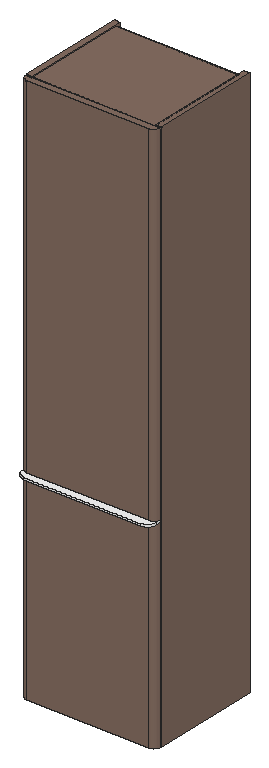
Revit family "tall cabinet, door hinge", category Furniture, Revit 2019 (continued)
Types (48, lengths in mm): name | Tall cabinet 400_350, door hinge right-54142700-Dark Walnut-MATT_WHITE-400_RX0RY0RZ0TX0TY0TZ0_V | Tall cabinet 400_350, door hinge right-54142700-Dark Walnut-MATT_WHITE-200_RX0RY0RZ0TX0TY0TZ0_V | Tall cabinet 400_350, door hinge right-54142670-Dark Walnut-MATT_BLACK-400_RX0RY0RZ0TX0TY0TZ0_V | Tall cabinet 400_350, door hinge right-54142670-Dark Walnut-MATT_BLACK-200_RX0RY0RZ0TX0TY0TZ0_V | Tall cabinet 400_350, door hinge right-54142000-Dark Walnut-CHROME-400_RX0RY0RZ0TX0TY0TZ0_V | Tall cabinet 400_350, door hinge right-54142000-Dark Walnut-CHROME-200_RX0RY0RZ0TX0TY0TZ0_V | Tall cabinet 400_350, door hinge right-54141700-Natural Oak-MATT_WHITE-400_RX0RY0RZ0TX0TY0TZ0_V | Tall cabinet 400_350, door hinge right-54141700-Natural Oak-MATT_WHITE-200_RX0RY0RZ0TX0TY0TZ0_V | Tall cabinet 400_350, door hinge right-54141670-Natural Oak-MATT_BLACK-400_RX0RY0RZ0TX0TY0TZ0_V | Tall cabinet 400_350, door hinge right-54141670-Natural Oak-MATT_BLACK-200_RX0RY0RZ0TX0TY0TZ0_V | Tall cabinet 400_350, door hinge right-54141000-Natural Oak-CHROME-400_RX0RY0RZ0TX0TY0TZ0_V | Tall cabinet 400_350, door hinge right-54141000-Natural Oak-CHROME-200_RX0RY0RZ0TX0TY0TZ0_V | Tall cabinet 400_350, door hinge right-54140700-Diamond Matt Grey-MATT_WHITE-400_RX0RY0RZ0TX0TY0TZ0_V | Tall cabinet 400_350, door hinge right-54140700-Diamond Matt Grey-MATT_WHITE-200_RX0RY0RZ0TX0TY0TZ0_V | Tall cabinet 400_350, door hinge right-54140670-Diamond Matt Grey-MATT_BLACK-400_RX0RY0RZ0TX0TY0TZ0_V | Tall cabinet 400_350, door hinge right-54140670-Diamond Matt Grey-MATT_BLACK-200_RX0RY0RZ0TX0TY0TZ0_V | Tall cabinet 400_350, door hinge right-54140000-Diamond Matt Grey-CHROME-400_RX0RY0RZ0TX0TY0TZ0_V | Tall cabinet 400_350, door hinge right-54140000-Diamond Matt Grey-CHROME-200_RX0RY0RZ0TX0TY0TZ0_V | Tall cabinet 400_350, door hinge right-54139700-High Gloss White-MATT_WHITE-400_RX0RY0RZ0TX0TY0TZ0_V | Tall cabinet 400_350, door hinge right-54139700-High Gloss White-MATT_WHITE-200_RX0RY0RZ0TX0TY0TZ0_V | Tall cabinet 400_350, door hinge right-54139670-High Gloss White-MATT_BLACK-400_RX0RY0RZ0TX0TY0TZ0_V | Tall cabinet 400_350, door hinge right-54139670-High Gloss White-MATT_BLACK-200_RX0RY0RZ0TX0TY0TZ0_V | Tall cabinet 400_350, door hinge right-54139000-High Gloss White-CHROME-400_RX0RY0RZ0TX0TY0TZ0_V | Tall cabinet 400_350, door hinge right-54139000-High Gloss White-CHROME-200_RX0RY0RZ0TX0TY0TZ0_V | Tall cabinet 400_350, door hinge left-54138700-Dark Walnut-MATT_WHITE-400_RX0RY0RZ0TX0TY0TZ0_V | Tall cabinet 400_350, door hinge left-54138700-Dark Walnut-MATT_WHITE-200_RX0RY0RZ0TX0TY0TZ0_V | Tall cabinet 400_350, door hinge left-54138670-Dark Walnut-MATT_BLACK-400_RX0RY0RZ0TX0TY0TZ0_V | Tall cabinet 400_350, door hinge left-54138670-Dark Walnut-MATT_BLACK-200_RX0RY0RZ0TX0TY0TZ0_V | Tall cabinet 400_350, door hinge left-54138000-Dark Walnut-CHROME-400_RX0RY0RZ0TX0TY0TZ0_V | Tall cabinet 400_350, door hinge left-54138000-Dark Walnut-CHROME-200_RX0RY0RZ0TX0TY0TZ0_V | Tall cabinet 400_350, door hinge left-54137700-Natural Oak-MATT_WHITE-400_RX0RY0RZ0TX0TY0TZ0_V | Tall cabinet 400_350, door hinge left-54137700-Natural Oak-MATT_WHITE-200_RX0RY0RZ0TX0TY0TZ0_V | Tall cabinet 400_350, door hinge left-54137670-Natural Oak-MATT_BLACK-400_RX0RY0RZ0TX0TY0TZ0_V | Tall cabinet 400_350, door hinge left-54137670-Natural Oak-MATT_BLACK-200_RX0RY0RZ0TX0TY0TZ0_V | Tall cabinet 400_350, door hinge left-54137000-Natural Oak-CHROME-400_RX0RY0RZ0TX0TY0TZ0_V | Tall cabinet 400_350, door hinge left-54137000-Natural Oak-CHROME-200_RX0RY0RZ0TX0TY0TZ0_V | Tall cabinet 400_350, door hinge left-54136700-Diamond Matt Grey-MATT_WHITE-400_RX0RY0RZ0TX0TY0TZ0_V | Tall cabinet 400_350, door hinge left-54136700-Diamond Matt Grey-MATT_WHITE-200_RX0RY0RZ0TX0TY0TZ0_V | Tall cabinet 400_350, door hinge left-54136670-Diamond Matt Grey-MATT_BLACK-400_RX0RY0RZ0TX0TY0TZ0_V | Tall cabinet 400_350, door hinge left-54136670-Diamond Matt Grey-MATT_BLACK-200_RX0RY0RZ0TX0TY0TZ0_V | Tall cabinet 400_350, door hinge left-54136000-Diamond Matt Grey-CHROME-400_RX0RY0RZ0TX0TY0TZ0_V | Tall cabinet 400_350, door hinge left-54136000-Diamond Matt Grey-CHROME-200_RX0RY0RZ0TX0TY0TZ0_V | Tall cabinet 400_350, door hinge left-54135700-High Gloss White-MATT_WHITE-400_RX0RY0RZ0TX0TY0TZ0_V | Tall cabinet 400_350, door hinge left-54135700-High Gloss White-MATT_WHITE-200_RX0RY0RZ0TX0TY0TZ0_V | Tall cabinet 400_350, door hinge left-54135670-High Gloss White-MATT_BLACK-400_RX0RY0RZ0TX0TY0TZ0_V | Tall cabinet 400_350, door hinge left-54135670-High Gloss White-MATT_BLACK-200_RX0RY0RZ0TX0TY0TZ0_V | Tall cabinet 400_350, door hinge left-54135000-High Gloss White-CHROME-400_RX0RY0RZ0TX0TY0TZ0_V | Tall cabinet 400_350, door hinge left-54135000-High Gloss White-CHROME-200_RX0RY0RZ0TX0TY0TZ0_V | SURFACE | SPECIFICATION | PRODUCTURL | PERMALINK | OBERFLAECHE | NB | NAME | Model | MIdent | LODLEVEL | LINA | GTINCODE | BASENUMBER | ARTNR
  Tall cabinet 400_350, door hinge left-54138700-Dark Walnut-MATT_WHITE-200 | no | no | no | no | no | no | no | no | no | no | no | no | no | no | no | no | no | no | no | no | no | no | no | no | no | yes | no | no | no | no | no | no | no | no | no | no | no | no | no | no | no | no | no | no | no | no | no | no | "MATT_WHITE" | "Surfaces:    - 54138000 Chrome  - 54138670 Matt Black  - 54138700 Matt White      Specification:" | "https://pro.hansgrohe.com/articledetail--54138000" | "54138XXX" | "Dark Walnut" | "Tall cabinet 400/350, door hinge left-54138700-Dark Walnut-MATT_WHITE-200" | "Xelu Q Tall cabinet Dark Walnut 400/350, door hinge left" | "Tall cabinet 400/350, door hinge left-54138700-Dark Walnut-MATT_WHITE-200" | "{$CADENAS_DATA/23d-libs/hansgrohe/xelu_furniture/tall_cabinet_door_hinge/tall_cabinet_door_hinge.prj},313 {VTYP=3D},{NB=Tall cabinet 400/350, door hinge left-54138700-Dark Walnut-MATT_WHITE-200},{LINA=Tall cabinet 400/350, door hinge left-54138700-Dark Walnut-MATT_WHITE-200},{NN=Tall cabinet, door hinge},{DATE=08.03.2023 13:45:00},{GEOMDATE=08.03.2023 13:44:17},{VERSION=},{LINEID=120},{WBVAR=LODLEVEL},{WBNUMERIC=}  {NB=Tall cabinet 400/350, door hinge left-54138700-Dark Walnut-MATT_WHITE-200},{LINA=Tall cabinet 400/350, door hinge left-54138700-Dark Walnut-MATT_WHITE-200},{KT=DUMMY},{IDNR=12},{ARTNR=54138700},{BASENUMBER=Tall cabinet 400/350, door hinge left},{MODEL=54138XXX},{OBERFLAECHE=Dark Walnut},{SURFACE=MATT_WHITE},{L=400},{LODLEVEL=200},{LODLEVELX='400','400','200','200'},{NAME=Xelu Q Tall cabinet Dark Walnut 400/350, door hinge left},{PERMALINK=54138XXX},{OBJECTTYPE=Object (single object)},{BIMOBJECT=Sanitary: Compound units},{PRODUCTFAMILY=Xelu Q},{PRODUCTGROUP=bathroom vanity},{WEIGHT=36.9},{DESCRIPTION=Xelu Q Tall cabinet Dark Walnut 400/350, door hinge left},{SPECIFICATION=Surfaces:    - 54138000 Chrome  - 54138670 Matt Black  - 54138700 Matt White      Specification:},{PRODUCTURL=https://pro.hansgrohe.com/articledetail--54138000},{GTINCODE=4059625458242},{TENDERURL=},{IFC=Furnishing element},{ETIM=EC011381 | Bathroom furniture set},{UNICLASS2015=Pr_40_30_78_05 | Bathroom furniture},{OMNICLASS=23-21 19 15 33 13 | Residential Bathroom Specialty Casework},{MASTERFORMAT=12 35 30.23 | Bathroom Casework},{UNSPSC=56 | Furniture and Furnishings},{UNIFORMATII=E2010 | Fixed Furnishings},{REGIONSET=Worldwide},{DESIGN=Germany},{MANUFACTURER=Germany}" | "200" | "Tall cabinet 400/350, door hinge left-54138700-Dark Walnut-MATT_WHITE-200" | "4059625458242" | "Tall cabinet 400/350, door hinge left" | "54138700"
  Tall cabinet 400_350, door hinge left-54138700-Dark Walnut-MATT_WHITE-400 | no | no | no | no | no | no | no | no | no | no | no | no | no | no | no | no | no | no | no | no | no | no | no | no | yes | no | no | no | no | no | no | no | no | no | no | no | no | no | no | no | no | no | no | no | no | no | no | no | "MATT_WHITE" | "Surfaces:    - 54138000 Chrome  - 54138670 Matt Black  - 54138700 Matt White      Specification:" | "https://pro.hansgrohe.com/articledetail--54138000" | "54138XXX" | "Dark Walnut" | "Tall cabinet 400/350, door hinge left-54138700-Dark Walnut-MATT_WHITE-400" | "Xelu Q Tall cabinet Dark Walnut 400/350, door hinge left" | "Tall cabinet 400/350, door hinge left-54138700-Dark Walnut-MATT_WHITE-400" | "{$CADENAS_DATA/23d-libs/hansgrohe/xelu_furniture/tall_cabinet_door_hinge/tall_cabinet_door_hinge.prj},313 {VTYP=3D},{NB=Tall cabinet 400/350, door hinge left-54138700-Dark Walnut-MATT_WHITE-400},{LINA=Tall cabinet 400/350, door hinge left-54138700-Dark Walnut-MATT_WHITE-400},{NN=Tall cabinet, door hinge},{DATE=08.03.2023 13:45:00},{GEOMDATE=08.03.2023 13:44:17},{VERSION=},{LINEID=120},{WBVAR=LODLEVEL},{WBNUMERIC=}  {NB=Tall cabinet 400/350, door hinge left-54138700-Dark Walnut-MATT_WHITE-400},{LINA=Tall cabinet 400/350, door hinge left-54138700-Dark Walnut-MATT_WHITE-400},{KT=DUMMY},{IDNR=12},{ARTNR=54138700},{BASENUMBER=Tall cabinet 400/350, door hinge left},{MODEL=54138XXX},{OBERFLAECHE=Dark Walnut},{SURFACE=MATT_WHITE},{L=400},{LODLEVEL=400},{LODLEVELX='400','400','200','200'},{NAME=Xelu Q Tall cabinet Dark Walnut 400/350, door hinge left},{PERMALINK=54138XXX},{OBJECTTYPE=Object (single object)},{BIMOBJECT=Sanitary: Compound units},{PRODUCTFAMILY=Xelu Q},{PRODUCTGROUP=bathroom vanity},{WEIGHT=36.9},{DESCRIPTION=Xelu Q Tall cabinet Dark Walnut 400/350, door hinge left},{SPECIFICATION=Surfaces:    - 54138000 Chrome  - 54138670 Matt Black  - 54138700 Matt White      Specification:},{PRODUCTURL=https://pro.hansgrohe.com/articledetail--54138000},{GTINCODE=4059625458242},{TENDERURL=},{IFC=Furnishing element},{ETIM=EC011381 | Bathroom furniture set},{UNICLASS2015=Pr_40_30_78_05 | Bathroom furniture},{OMNICLASS=23-21 19 15 33 13 | Residential Bathroom Specialty Casework},{MASTERFORMAT=12 35 30.23 | Bathroom Casework},{UNSPSC=56 | Furniture and Furnishings},{UNIFORMATII=E2010 | Fixed Furnishings},{REGIONSET=Worldwide},{DESIGN=Germany},{MANUFACTURER=Germany}" | "400" | "Tall cabinet 400/350, door hinge left-54138700-Dark Walnut-MATT_WHITE-400" | "4059625458242" | "Tall cabinet 400/350, door hinge left" | "54138700"
  Tall cabinet 400_350, door hinge right-54139000-High Gloss White-CHROME-200 | no | no | no | no | no | no | no | no | no | no | no | no | no | no | no | no | no | no | no | no | no | no | no | yes | no | no | no | no | no | no | no | no | no | no | no | no | no | no | no | no | no | no | no | no | no | no | no | no | "CHROME" | "Surfaces:    - 54139000 Chrome  - 54139670 Matt Black  - 54139700 Matt White      Specification:" | "https://pro.hansgrohe.com/articledetail--54139000" | "54139XXX" | "High Gloss White" | "Tall cabinet 400/350, door hinge right-54139000-High Gloss White-CHROME-200" | "Xelu Q Tall cabinet High Gloss White 400/350, door hinge right" | "Tall cabinet 400/350, door hinge right-54139000-High Gloss White-CHROME-200" | "{$CADENAS_DATA/23d-libs/hansgrohe/xelu_furniture/tall_cabinet_door_hinge/tall_cabinet_door_hinge.prj},317 {VTYP=3D},{NB=Tall cabinet 400/350, door hinge right-54139000-High Gloss White-CHROME-200},{LINA=Tall cabinet 400/350, door hinge right-54139000-High Gloss White-CHROME-200},{NN=Tall cabinet, door hinge},{DATE=08.03.2023 13:45:00},{GEOMDATE=08.03.2023 13:44:17},{VERSION=},{LINEID=140},{WBVAR=LODLEVEL},{WBNUMERIC=}  {NB=Tall cabinet 400/350, door hinge right-54139000-High Gloss White-CHROME-200},{LINA=Tall cabinet 400/350, door hinge right-54139000-High Gloss White-CHROME-200},{KT=DUMMY},{IDNR=14},{ARTNR=54139000},{BASENUMBER=Tall cabinet 400/350, door hinge right},{MODEL=54139XXX},{OBERFLAECHE=High Gloss White},{SURFACE=CHROME},{L=400},{LODLEVEL=200},{LODLEVELX='400','400','200','200'},{NAME=Xelu Q Tall cabinet High Gloss White 400/350, door hinge right},{PERMALINK=54139XXX},{OBJECTTYPE=Object (single object)},{BIMOBJECT=Sanitary: Compound units},{PRODUCTFAMILY=Xelu Q},{PRODUCTGROUP=bathroom vanity},{WEIGHT=36.9},{DESCRIPTION=Xelu Q Tall cabinet High Gloss White 400/350, door hinge right},{SPECIFICATION=Surfaces:    - 54139000 Chrome  - 54139670 Matt Black  - 54139700 Matt White      Specification:},{PRODUCTURL=https://pro.hansgrohe.com/articledetail--54139000},{GTINCODE=4059625458617},{TENDERURL=},{IFC=Furnishing element},{ETIM=EC011381 | Bathroom furniture set},{UNICLASS2015=Pr_40_30_78_05 | Bathroom furniture},{OMNICLASS=23-21 19 15 33 13 | Residential Bathroom Specialty Casework},{MASTERFORMAT=12 35 30.23 | Bathroom Casework},{UNSPSC=56 | Furniture and Furnishings},{UNIFORMATII=E2010 | Fixed Furnishings},{REGIONSET=Worldwide},{DESIGN=Germany},{MANUFACTURER=Germany}" | "200" | "Tall cabinet 400/350, door hinge right-54139000-High Gloss White-CHROME-200" | "4059625458617" | "Tall cabinet 400/350, door hinge right" | "54139000"
  Tall cabinet 400_350, door hinge right-54139000-High Gloss White-CHROME-400 | no | no | no | no | no | no | no | no | no | no | no | no | no | no | no | no | no | no | no | no | no | no | yes | no | no | no | no | no | no | no | no | no | no | no | no | no | no | no | no | no | no | no | no | no | no | no | no | no | "CHROME" | "Surfaces:    - 54139000 Chrome  - 54139670 Matt Black  - 54139700 Matt White      Specification:" | "https://pro.hansgrohe.com/articledetail--54139000" | "54139XXX" | "High Gloss White" | "Tall cabinet 400/350, door hinge right-54139000-High Gloss White-CHROME-400" | "Xelu Q Tall cabinet High Gloss White 400/350, door hinge right" | "Tall cabinet 400/350, door hinge right-54139000-High Gloss White-CHROME-400" | "{$CADENAS_DATA/23d-libs/hansgrohe/xelu_furniture/tall_cabinet_door_hinge/tall_cabinet_door_hinge.prj},317 {VTYP=3D},{NB=Tall cabinet 400/350, door hinge right-54139000-High Gloss White-CHROME-400},{LINA=Tall cabinet 400/350, door hinge right-54139000-High Gloss White-CHROME-400},{NN=Tall cabinet, door hinge},{DATE=08.03.2023 13:45:00},{GEOMDATE=08.03.2023 13:44:17},{VERSION=},{LINEID=140},{WBVAR=LODLEVEL},{WBNUMERIC=}  {NB=Tall cabinet 400/350, door hinge right-54139000-High Gloss White-CHROME-400},{LINA=Tall cabinet 400/350, door hinge right-54139000-High Gloss White-CHROME-400},{KT=DUMMY},{IDNR=14},{ARTNR=54139000},{BASENUMBER=Tall cabinet 400/350, door hinge right},{MODEL=54139XXX},{OBERFLAECHE=High Gloss White},{SURFACE=CHROME},{L=400},{LODLEVEL=400},{LODLEVELX='400','400','200','200'},{NAME=Xelu Q Tall cabinet High Gloss White 400/350, door hinge right},{PERMALINK=54139XXX},{OBJECTTYPE=Object (single object)},{BIMOBJECT=Sanitary: Compound units},{PRODUCTFAMILY=Xelu Q},{PRODUCTGROUP=bathroom vanity},{WEIGHT=36.9},{DESCRIPTION=Xelu Q Tall cabinet High Gloss White 400/350, door hinge right},{SPECIFICATION=Surfaces:    - 54139000 Chrome  - 54139670 Matt Black  - 54139700 Matt White      Specification:},{PRODUCTURL=https://pro.hansgrohe.com/articledetail--54139000},{GTINCODE=4059625458617},{TENDERURL=},{IFC=Furnishing element},{ETIM=EC011381 | Bathroom furniture set},{UNICLASS2015=Pr_40_30_78_05 | Bathroom furniture},{OMNICLASS=23-21 19 15 33 13 | Residential Bathroom Specialty Casework},{MASTERFORMAT=12 35 30.23 | Bathroom Casework},{UNSPSC=56 | Furniture and Furnishings},{UNIFORMATII=E2010 | Fixed Furnishings},{REGIONSET=Worldwide},{DESIGN=Germany},{MANUFACTURER=Germany}" | "400" | "Tall cabinet 400/350, door hinge right-54139000-High Gloss White-CHROME-400" | "4059625458617" | "Tall cabinet 400/350, door hinge right" | "54139000"
  Tall cabinet 400_350, door hinge right-54139670-High Gloss White-MATT_BLACK-200 | no | no | no | no | no | no | no | no | no | no | no | no | no | no | no | no | no | no | no | no | no | yes | no | no | no | no | no | no | no | no | no | no | no | no | no | no | no | no | no | no | no | no | no | no | no | no | no | no | "MATT_BLACK" | "Surfaces:    - 54139000 Chrome  - 54139670 Matt Black  - 54139700 Matt White      Specification:" | "https://pro.hansgrohe.com/articledetail--54139000" | "54139XXX" | "High Gloss White" | "Tall cabinet 400/350, door hinge right-54139670-High Gloss White-MATT_BLACK-200" | "Xelu Q Tall cabinet High Gloss White 400/350, door hinge right" | "Tall cabinet 400/350, door hinge right-54139670-High Gloss White-MATT_BLACK-200" | "{$CADENAS_DATA/23d-libs/hansgrohe/xelu_furniture/tall_cabinet_door_hinge/tall_cabinet_door_hinge.prj},325 {VTYP=3D},{NB=Tall cabinet 400/350, door hinge right-54139670-High Gloss White-MATT_BLACK-200},{LINA=Tall cabinet 400/350, door hinge right-54139670-High Gloss White-MATT_BLACK-200},{NN=Tall cabinet, door hinge},{DATE=08.03.2023 13:45:00},{GEOMDATE=08.03.2023 13:44:17},{VERSION=},{LINEID=150},{WBVAR=LODLEVEL},{WBNUMERIC=}  {NB=Tall cabinet 400/350, door hinge right-54139670-High Gloss White-MATT_BLACK-200},{LINA=Tall cabinet 400/350, door hinge right-54139670-High Gloss White-MATT_BLACK-200},{KT=DUMMY},{IDNR=15},{ARTNR=54139670},{BASENUMBER=Tall cabinet 400/350, door hinge right},{MODEL=54139XXX},{OBERFLAECHE=High Gloss White},{SURFACE=MATT_BLACK},{L=400},{LODLEVEL=200},{LODLEVELX='400','400','200','200'},{NAME=Xelu Q Tall cabinet High Gloss White 400/350, door hinge right},{PERMALINK=54139XXX},{OBJECTTYPE=Object (single object)},{BIMOBJECT=Sanitary: Compound units},{PRODUCTFAMILY=Xelu Q},{PRODUCTGROUP=bathroom vanity},{WEIGHT=36.9},{DESCRIPTION=Xelu Q Tall cabinet High Gloss White 400/350, door hinge right},{SPECIFICATION=Surfaces:    - 54139000 Chrome  - 54139670 Matt Black  - 54139700 Matt White      Specification:},{PRODUCTURL=https://pro.hansgrohe.com/articledetail--54139000},{GTINCODE=4059625458617},{TENDERURL=},{IFC=Furnishing element},{ETIM=EC011381 | Bathroom furniture set},{UNICLASS2015=Pr_40_30_78_05 | Bathroom furniture},{OMNICLASS=23-21 19 15 33 13 | Residential Bathroom Specialty Casework},{MASTERFORMAT=12 35 30.23 | Bathroom Casework},{UNSPSC=56 | Furniture and Furnishings},{UNIFORMATII=E2010 | Fixed Furnishings},{REGIONSET=Worldwide},{DESIGN=Germany},{MANUFACTURER=Germany}" | "200" | "Tall cabinet 400/350, door hinge right-54139670-High Gloss White-MATT_BLACK-200" | "4059625458617" | "Tall cabinet 400/350, door hinge right" | "54139670"
  Tall cabinet 400_350, door hinge right-54139670-High Gloss White-MATT_BLACK-400 | no | no | no | no | no | no | no | no | no | no | no | no | no | no | no | no | no | no | no | no | yes | no | no | no | no | no | no | no | no | no | no | no | no | no | no | no | no | no | no | no | no | no | no | no | no | no | no | no | "MATT_BLACK" | "Surfaces:    - 54139000 Chrome  - 54139670 Matt Black  - 54139700 Matt White      Specification:" | "https://pro.hansgrohe.com/articledetail--54139000" | "54139XXX" | "High Gloss White" | "Tall cabinet 400/350, door hinge right-54139670-High Gloss White-MATT_BLACK-400" | "Xelu Q Tall cabinet High Gloss White 400/350, door hinge right" | "Tall cabinet 400/350, door hinge right-54139670-High Gloss White-MATT_BLACK-400" | "{$CADENAS_DATA/23d-libs/hansgrohe/xelu_furniture/tall_cabinet_door_hinge/tall_cabinet_door_hinge.prj},325 {VTYP=3D},{NB=Tall cabinet 400/350, door hinge right-54139670-High Gloss White-MATT_BLACK-400},{LINA=Tall cabinet 400/350, door hinge right-54139670-High Gloss White-MATT_BLACK-400},{NN=Tall cabinet, door hinge},{DATE=08.03.2023 13:45:00},{GEOMDATE=08.03.2023 13:44:17},{VERSION=},{LINEID=150},{WBVAR=LODLEVEL},{WBNUMERIC=}  {NB=Tall cabinet 400/350, door hinge right-54139670-High Gloss White-MATT_BLACK-400},{LINA=Tall cabinet 400/350, door hinge right-54139670-High Gloss White-MATT_BLACK-400},{KT=DUMMY},{IDNR=15},{ARTNR=54139670},{BASENUMBER=Tall cabinet 400/350, door hinge right},{MODEL=54139XXX},{OBERFLAECHE=High Gloss White},{SURFACE=MATT_BLACK},{L=400},{LODLEVEL=400},{LODLEVELX='400','400','200','200'},{NAME=Xelu Q Tall cabinet High Gloss White 400/350, door hinge right},{PERMALINK=54139XXX},{OBJECTTYPE=Object (single object)},{BIMOBJECT=Sanitary: Compound units},{PRODUCTFAMILY=Xelu Q},{PRODUCTGROUP=bathroom vanity},{WEIGHT=36.9},{DESCRIPTION=Xelu Q Tall cabinet High Gloss White 400/350, door hinge right},{SPECIFICATION=Surfaces:    - 54139000 Chrome  - 54139670 Matt Black  - 54139700 Matt White      Specification:},{PRODUCTURL=https://pro.hansgrohe.com/articledetail--54139000},{GTINCODE=4059625458617},{TENDERURL=},{IFC=Furnishing element},{ETIM=EC011381 | Bathroom furniture set},{UNICLASS2015=Pr_40_30_78_05 | Bathroom furniture},{OMNICLASS=23-21 19 15 33 13 | Residential Bathroom Specialty Casework},{MASTERFORMAT=12 35 30.23 | Bathroom Casework},{UNSPSC=56 | Furniture and Furnishings},{UNIFORMATII=E2010 | Fixed Furnishings},{REGIONSET=Worldwide},{DESIGN=Germany},{MANUFACTURER=Germany}" | "400" | "Tall cabinet 400/350, door hinge right-54139670-High Gloss White-MATT_BLACK-400" | "4059625458617" | "Tall cabinet 400/350, door hinge right" | "54139670"
  Tall cabinet 400_350, door hinge right-54139700-High Gloss White-MATT_WHITE-200 | no | no | no | no | no | no | no | no | no | no | no | no | no | no | no | no | no | no | no | yes | no | no | no | no | no | no | no | no | no | no | no | no | no | no | no | no | no | no | no | no | no | no | no | no | no | no | no | no | "MATT_WHITE" | "Surfaces:    - 54139000 Chrome  - 54139670 Matt Black  - 54139700 Matt White      Specification:" | "https://pro.hansgrohe.com/articledetail--54139000" | "54139XXX" | "High Gloss White" | "Tall cabinet 400/350, door hinge right-54139700-High Gloss White-MATT_WHITE-200" | "Xelu Q Tall cabinet High Gloss White 400/350, door hinge right" | "Tall cabinet 400/350, door hinge right-54139700-High Gloss White-MATT_WHITE-200" | "{$CADENAS_DATA/23d-libs/hansgrohe/xelu_furniture/tall_cabinet_door_hinge/tall_cabinet_door_hinge.prj},325 {VTYP=3D},{NB=Tall cabinet 400/350, door hinge right-54139700-High Gloss White-MATT_WHITE-200},{LINA=Tall cabinet 400/350, door hinge right-54139700-High Gloss White-MATT_WHITE-200},{NN=Tall cabinet, door hinge},{DATE=08.03.2023 13:45:00},{GEOMDATE=08.03.2023 13:44:17},{VERSION=},{LINEID=130},{WBVAR=LODLEVEL},{WBNUMERIC=}  {NB=Tall cabinet 400/350, door hinge right-54139700-High Gloss White-MATT_WHITE-200},{LINA=Tall cabinet 400/350, door hinge right-54139700-High Gloss White-MATT_WHITE-200},{KT=DUMMY},{IDNR=13},{ARTNR=54139700},{BASENUMBER=Tall cabinet 400/350, door hinge right},{MODEL=54139XXX},{OBERFLAECHE=High Gloss White},{SURFACE=MATT_WHITE},{L=400},{LODLEVEL=200},{LODLEVELX='400','400','200','200'},{NAME=Xelu Q Tall cabinet High Gloss White 400/350, door hinge right},{PERMALINK=54139XXX},{OBJECTTYPE=Object (single object)},{BIMOBJECT=Sanitary: Compound units},{PRODUCTFAMILY=Xelu Q},{PRODUCTGROUP=bathroom vanity},{WEIGHT=36.9},{DESCRIPTION=Xelu Q Tall cabinet High Gloss White 400/350, door hinge right},{SPECIFICATION=Surfaces:    - 54139000 Chrome  - 54139670 Matt Black  - 54139700 Matt White      Specification:},{PRODUCTURL=https://pro.hansgrohe.com/articledetail--54139000},{GTINCODE=4059625458617},{TENDERURL=},{IFC=Furnishing element},{ETIM=EC011381 | Bathroom furniture set},{UNICLASS2015=Pr_40_30_78_05 | Bathroom furniture},{OMNICLASS=23-21 19 15 33 13 | Residential Bathroom Specialty Casework},{MASTERFORMAT=12 35 30.23 | Bathroom Casework},{UNSPSC=56 | Furniture and Furnishings},{UNIFORMATII=E2010 | Fixed Furnishings},{REGIONSET=Worldwide},{DESIGN=Germany},{MANUFACTURER=Germany}" | "200" | "Tall cabinet 400/350, door hinge right-54139700-High Gloss White-MATT_WHITE-200" | "4059625458617" | "Tall cabinet 400/350, door hinge right" | "54139700"
  Tall cabinet 400_350, door hinge right-54139700-High Gloss White-MATT_WHITE-400 | no | no | no | no | no | no | no | no | no | no | no | no | no | no | no | no | no | no | yes | no | no | no | no | no | no | no | no | no | no | no | no | no | no | no | no | no | no | no | no | no | no | no | no | no | no | no | no | no | "MATT_WHITE" | "Surfaces:    - 54139000 Chrome  - 54139670 Matt Black  - 54139700 Matt White      Specification:" | "https://pro.hansgrohe.com/articledetail--54139000" | "54139XXX" | "High Gloss White" | "Tall cabinet 400/350, door hinge right-54139700-High Gloss White-MATT_WHITE-400" | "Xelu Q Tall cabinet High Gloss White 400/350, door hinge right" | "Tall cabinet 400/350, door hinge right-54139700-High Gloss White-MATT_WHITE-400" | "{$CADENAS_DATA/23d-libs/hansgrohe/xelu_furniture/tall_cabinet_door_hinge/tall_cabinet_door_hinge.prj},325 {VTYP=3D},{NB=Tall cabinet 400/350, door hinge right-54139700-High Gloss White-MATT_WHITE-400},{LINA=Tall cabinet 400/350, door hinge right-54139700-High Gloss White-MATT_WHITE-400},{NN=Tall cabinet, door hinge},{DATE=08.03.2023 13:45:00},{GEOMDATE=08.03.2023 13:44:17},{VERSION=},{LINEID=130},{WBVAR=LODLEVEL},{WBNUMERIC=}  {NB=Tall cabinet 400/350, door hinge right-54139700-High Gloss White-MATT_WHITE-400},{LINA=Tall cabinet 400/350, door hinge right-54139700-High Gloss White-MATT_WHITE-400},{KT=DUMMY},{IDNR=13},{ARTNR=54139700},{BASENUMBER=Tall cabinet 400/350, door hinge right},{MODEL=54139XXX},{OBERFLAECHE=High Gloss White},{SURFACE=MATT_WHITE},{L=400},{LODLEVEL=400},{LODLEVELX='400','400','200','200'},{NAME=Xelu Q Tall cabinet High Gloss White 400/350, door hinge right},{PERMALINK=54139XXX},{OBJECTTYPE=Object (single object)},{BIMOBJECT=Sanitary: Compound units},{PRODUCTFAMILY=Xelu Q},{PRODUCTGROUP=bathroom vanity},{WEIGHT=36.9},{DESCRIPTION=Xelu Q Tall cabinet High Gloss White 400/350, door hinge right},{SPECIFICATION=Surfaces:    - 54139000 Chrome  - 54139670 Matt Black  - 54139700 Matt White      Specification:},{PRODUCTURL=https://pro.hansgrohe.com/articledetail--54139000},{GTINCODE=4059625458617},{TENDERURL=},{IFC=Furnishing element},{ETIM=EC011381 | Bathroom furniture set},{UNICLASS2015=Pr_40_30_78_05 | Bathroom furniture},{OMNICLASS=23-21 19 15 33 13 | Residential Bathroom Specialty Casework},{MASTERFORMAT=12 35 30.23 | Bathroom Casework},{UNSPSC=56 | Furniture and Furnishings},{UNIFORMATII=E2010 | Fixed Furnishings},{REGIONSET=Worldwide},{DESIGN=Germany},{MANUFACTURER=Germany}" | "400" | "Tall cabinet 400/350, door hinge right-54139700-High Gloss White-MATT_WHITE-400" | "4059625458617" | "Tall cabinet 400/350, door hinge right" | "54139700"
  Tall cabinet 400_350, door hinge right-54140000-Diamond Matt Grey-CHROME-200 | no | no | no | no | no | no | no | no | no | no | no | no | no | no | no | no | no | yes | no | no | no | no | no | no | no | no | no | no | no | no | no | no | no | no | no | no | no | no | no | no | no | no | no | no | no | no | no | no | "CHROME" | "Surfaces:    - 54140000 Chrome  - 54140670 Matt Black  - 54140700 Matt White      Specification:" | "https://pro.hansgrohe.com/articledetail--54140000" | "54140XXX" | "Diamond Matt Grey" | "Tall cabinet 400/350, door hinge right-54140000-Diamond Matt Grey-CHROME-200" | "Xelu Q Tall cabinet Diamond Matt Grey 400/350, door hinge right" | "Tall cabinet 400/350, door hinge right-54140000-Diamond Matt Grey-CHROME-200" | "{$CADENAS_DATA/23d-libs/hansgrohe/xelu_furniture/tall_cabinet_door_hinge/tall_cabinet_door_hinge.prj},319 {VTYP=3D},{NB=Tall cabinet 400/350, door hinge right-54140000-Diamond Matt Grey-CHROME-200},{LINA=Tall cabinet 400/350, door hinge right-54140000-Diamond Matt Grey-CHROME-200},{NN=Tall cabinet, door hinge},{DATE=08.03.2023 13:45:00},{GEOMDATE=08.03.2023 13:44:17},{VERSION=},{LINEID=180},{WBVAR=LODLEVEL},{WBNUMERIC=}  {NB=Tall cabinet 400/350, door hinge right-54140000-Diamond Matt Grey-CHROME-200},{LINA=Tall cabinet 400/350, door hinge right-54140000-Diamond Matt Grey-CHROME-200},{KT=DUMMY},{IDNR=18},{ARTNR=54140000},{BASENUMBER=Tall cabinet 400/350, door hinge right},{MODEL=54140XXX},{OBERFLAECHE=Diamond Matt Grey},{SURFACE=CHROME},{L=400},{LODLEVEL=200},{LODLEVELX='400','400','200','200'},{NAME=Xelu Q Tall cabinet Diamond Matt Grey 400/350, door hinge right},{PERMALINK=54140XXX},{OBJECTTYPE=Object (single object)},{BIMOBJECT=Sanitary: Compound units},{PRODUCTFAMILY=Xelu Q},{PRODUCTGROUP=bathroom vanity},{WEIGHT=36.9},{DESCRIPTION=Xelu Q Tall cabinet Diamond Matt Grey 400/350, door hinge right},{SPECIFICATION=Surfaces:    - 54140000 Chrome  - 54140670 Matt Black  - 54140700 Matt White      Specification:},{PRODUCTURL=https://pro.hansgrohe.com/articledetail--54140000},{GTINCODE=4059625458587},{TENDERURL=},{IFC=Furnishing element},{ETIM=EC011381 | Bathroom furniture set},{UNICLASS2015=Pr_40_30_78_05 | Bathroom furniture},{OMNICLASS=23-21 19 15 33 13 | Residential Bathroom Specialty Casework},{MASTERFORMAT=12 35 30.23 | Bathroom Casework},{UNSPSC=56 | Furniture and Furnishings},{UNIFORMATII=E2010 | Fixed Furnishings},{REGIONSET=Worldwide},{DESIGN=Germany},{MANUFACTURER=Germany}" | "200" | "Tall cabinet 400/350, door hinge right-54140000-Diamond Matt Grey-CHROME-200" | "4059625458587" | "Tall cabinet 400/350, door hinge right" | "54140000"
  Tall cabinet 400_350, door hinge right-54140000-Diamond Matt Grey-CHROME-400 | no | no | no | no | no | no | no | no | no | no | no | no | no | no | no | no | yes | no | no | no | no | no | no | no | no | no | no | no | no | no | no | no | no | no | no | no | no | no | no | no | no | no | no | no | no | no | no | no | "CHROME" | "Surfaces:    - 54140000 Chrome  - 54140670 Matt Black  - 54140700 Matt White      Specification:" | "https://pro.hansgrohe.com/articledetail--54140000" | "54140XXX" | "Diamond Matt Grey" | "Tall cabinet 400/350, door hinge right-54140000-Diamond Matt Grey-CHROME-400" | "Xelu Q Tall cabinet Diamond Matt Grey 400/350, door hinge right" | "Tall cabinet 400/350, door hinge right-54140000-Diamond Matt Grey-CHROME-400" | "{$CADENAS_DATA/23d-libs/hansgrohe/xelu_furniture/tall_cabinet_door_hinge/tall_cabinet_door_hinge.prj},319 {VTYP=3D},{NB=Tall cabinet 400/350, door hinge right-54140000-Diamond Matt Grey-CHROME-400},{LINA=Tall cabinet 400/350, door hinge right-54140000-Diamond Matt Grey-CHROME-400},{NN=Tall cabinet, door hinge},{DATE=08.03.2023 13:45:00},{GEOMDATE=08.03.2023 13:44:17},{VERSION=},{LINEID=180},{WBVAR=LODLEVEL},{WBNUMERIC=}  {NB=Tall cabinet 400/350, door hinge right-54140000-Diamond Matt Grey-CHROME-400},{LINA=Tall cabinet 400/350, door hinge right-54140000-Diamond Matt Grey-CHROME-400},{KT=DUMMY},{IDNR=18},{ARTNR=54140000},{BASENUMBER=Tall cabinet 400/350, door hinge right},{MODEL=54140XXX},{OBERFLAECHE=Diamond Matt Grey},{SURFACE=CHROME},{L=400},{LODLEVEL=400},{LODLEVELX='400','400','200','200'},{NAME=Xelu Q Tall cabinet Diamond Matt Grey 400/350, door hinge right},{PERMALINK=54140XXX},{OBJECTTYPE=Object (single object)},{BIMOBJECT=Sanitary: Compound units},{PRODUCTFAMILY=Xelu Q},{PRODUCTGROUP=bathroom vanity},{WEIGHT=36.9},{DESCRIPTION=Xelu Q Tall cabinet Diamond Matt Grey 400/350, door hinge right},{SPECIFICATION=Surfaces:    - 54140000 Chrome  - 54140670 Matt Black  - 54140700 Matt White      Specification:},{PRODUCTURL=https://pro.hansgrohe.com/articledetail--54140000},{GTINCODE=4059625458587},{TENDERURL=},{IFC=Furnishing element},{ETIM=EC011381 | Bathroom furniture set},{UNICLASS2015=Pr_40_30_78_05 | Bathroom furniture},{OMNICLASS=23-21 19 15 33 13 | Residential Bathroom Specialty Casework},{MASTERFORMAT=12 35 30.23 | Bathroom Casework},{UNSPSC=56 | Furniture and Furnishings},{UNIFORMATII=E2010 | Fixed Furnishings},{REGIONSET=Worldwide},{DESIGN=Germany},{MANUFACTURER=Germany}" | "400" | "Tall cabinet 400/350, door hinge right-54140000-Diamond Matt Grey-CHROME-400" | "4059625458587" | "Tall cabinet 400/350, door hinge right" | "54140000"
  Tall cabinet 400_350, door hinge right-54140670-Diamond Matt Grey-MATT_BLACK-200 | no | no | no | no | no | no | no | no | no | no | no | no | no | no | no | yes | no | no | no | no | no | no | no | no | no | no | no | no | no | no | no | no | no | no | no | no | no | no | no | no | no | no | no | no | no | no | no | no | "MATT_BLACK" | "Surfaces:    - 54140000 Chrome  - 54140670 Matt Black  - 54140700 Matt White      Specification:" | "https://pro.hansgrohe.com/articledetail--54140000" | "54140XXX" | "Diamond Matt Grey" | "Tall cabinet 400/350, door hinge right-54140670-Diamond Matt Grey-MATT_BLACK-200" | "Xelu Q Tall cabinet Diamond Matt Grey 400/350, door hinge right" | "Tall cabinet 400/350, door hinge right-54140670-Diamond Matt Grey-MATT_BLACK-200" | "{$CADENAS_DATA/23d-libs/hansgrohe/xelu_furniture/tall_cabinet_door_hinge/tall_cabinet_door_hinge.prj},327 {VTYP=3D},{NB=Tall cabinet 400/350, door hinge right-54140670-Diamond Matt Grey-MATT_BLACK-200},{LINA=Tall cabinet 400/350, door hinge right-54140670-Diamond Matt Grey-MATT_BLACK-200},{NN=Tall cabinet, door hinge},{DATE=08.03.2023 13:45:00},{GEOMDATE=08.03.2023 13:44:17},{VERSION=},{LINEID=160},{WBVAR=LODLEVEL},{WBNUMERIC=}  {NB=Tall cabinet 400/350, door hinge right-54140670-Diamond Matt Grey-MATT_BLACK-200},{LINA=Tall cabinet 400/350, door hinge right-54140670-Diamond Matt Grey-MATT_BLACK-200},{KT=DUMMY},{IDNR=16},{ARTNR=54140670},{BASENUMBER=Tall cabinet 400/350, door hinge right},{MODEL=54140XXX},{OBERFLAECHE=Diamond Matt Grey},{SURFACE=MATT_BLACK},{L=400},{LODLEVEL=200},{LODLEVELX='400','400','200','200'},{NAME=Xelu Q Tall cabinet Diamond Matt Grey 400/350, door hinge right},{PERMALINK=54140XXX},{OBJECTTYPE=Object (single object)},{BIMOBJECT=Sanitary: Compound units},{PRODUCTFAMILY=Xelu Q},{PRODUCTGROUP=bathroom vanity},{WEIGHT=36.9},{DESCRIPTION=Xelu Q Tall cabinet Diamond Matt Grey 400/350, door hinge right},{SPECIFICATION=Surfaces:    - 54140000 Chrome  - 54140670 Matt Black  - 54140700 Matt White      Specification:},{PRODUCTURL=https://pro.hansgrohe.com/articledetail--54140000},{GTINCODE=4059625458587},{TENDERURL=},{IFC=Furnishing element},{ETIM=EC011381 | Bathroom furniture set},{UNICLASS2015=Pr_40_30_78_05 | Bathroom furniture},{OMNICLASS=23-21 19 15 33 13 | Residential Bathroom Specialty Casework},{MASTERFORMAT=12 35 30.23 | Bathroom Casework},{UNSPSC=56 | Furniture and Furnishings},{UNIFORMATII=E2010 | Fixed Furnishings},{REGIONSET=Worldwide},{DESIGN=Germany},{MANUFACTURER=Germany}" | "200" | "Tall cabinet 400/350, door hinge right-54140670-Diamond Matt Grey-MATT_BLACK-200" | "4059625458587" | "Tall cabinet 400/350, door hinge right" | "54140670"
  Tall cabinet 400_350, door hinge right-54140670-Diamond Matt Grey-MATT_BLACK-400 | no | no | no | no | no | no | no | no | no | no | no | no | no | no | yes | no | no | no | no | no | no | no | no | no | no | no | no | no | no | no | no | no | no | no | no | no | no | no | no | no | no | no | no | no | no | no | no | no | "MATT_BLACK" | "Surfaces:    - 54140000 Chrome  - 54140670 Matt Black  - 54140700 Matt White      Specification:" | "https://pro.hansgrohe.com/articledetail--54140000" | "54140XXX" | "Diamond Matt Grey" | "Tall cabinet 400/350, door hinge right-54140670-Diamond Matt Grey-MATT_BLACK-400" | "Xelu Q Tall cabinet Diamond Matt Grey 400/350, door hinge right" | "Tall cabinet 400/350, door hinge right-54140670-Diamond Matt Grey-MATT_BLACK-400" | "{$CADENAS_DATA/23d-libs/hansgrohe/xelu_furniture/tall_cabinet_door_hinge/tall_cabinet_door_hinge.prj},327 {VTYP=3D},{NB=Tall cabinet 400/350, door hinge right-54140670-Diamond Matt Grey-MATT_BLACK-400},{LINA=Tall cabinet 400/350, door hinge right-54140670-Diamond Matt Grey-MATT_BLACK-400},{NN=Tall cabinet, door hinge},{DATE=08.03.2023 13:45:00},{GEOMDATE=08.03.2023 13:44:17},{VERSION=},{LINEID=160},{WBVAR=LODLEVEL},{WBNUMERIC=}  {NB=Tall cabinet 400/350, door hinge right-54140670-Diamond Matt Grey-MATT_BLACK-400},{LINA=Tall cabinet 400/350, door hinge right-54140670-Diamond Matt Grey-MATT_BLACK-400},{KT=DUMMY},{IDNR=16},{ARTNR=54140670},{BASENUMBER=Tall cabinet 400/350, door hinge right},{MODEL=54140XXX},{OBERFLAECHE=Diamond Matt Grey},{SURFACE=MATT_BLACK},{L=400},{LODLEVEL=400},{LODLEVELX='400','400','200','200'},{NAME=Xelu Q Tall cabinet Diamond Matt Grey 400/350, door hinge right},{PERMALINK=54140XXX},{OBJECTTYPE=Object (single object)},{BIMOBJECT=Sanitary: Compound units},{PRODUCTFAMILY=Xelu Q},{PRODUCTGROUP=bathroom vanity},{WEIGHT=36.9},{DESCRIPTION=Xelu Q Tall cabinet Diamond Matt Grey 400/350, door hinge right},{SPECIFICATION=Surfaces:    - 54140000 Chrome  - 54140670 Matt Black  - 54140700 Matt White      Specification:},{PRODUCTURL=https://pro.hansgrohe.com/articledetail--54140000},{GTINCODE=4059625458587},{TENDERURL=},{IFC=Furnishing element},{ETIM=EC011381 | Bathroom furniture set},{UNICLASS2015=Pr_40_30_78_05 | Bathroom furniture},{OMNICLASS=23-21 19 15 33 13 | Residential Bathroom Specialty Casework},{MASTERFORMAT=12 35 30.23 | Bathroom Casework},{UNSPSC=56 | Furniture and Furnishings},{UNIFORMATII=E2010 | Fixed Furnishings},{REGIONSET=Worldwide},{DESIGN=Germany},{MANUFACTURER=Germany}" | "400" | "Tall cabinet 400/350, door hinge right-54140670-Diamond Matt Grey-MATT_BLACK-400" | "4059625458587" | "Tall cabinet 400/350, door hinge right" | "54140670"
  Tall cabinet 400_350, door hinge right-54140700-Diamond Matt Grey-MATT_WHITE-200 | no | no | no | no | no | no | no | no | no | no | no | no | no | yes | no | no | no | no | no | no | no | no | no | no | no | no | no | no | no | no | no | no | no | no | no | no | no | no | no | no | no | no | no | no | no | no | no | no | "MATT_WHITE" | "Surfaces:    - 54140000 Chrome  - 54140670 Matt Black  - 54140700 Matt White      Specification:" | "https://pro.hansgrohe.com/articledetail--54140000" | "54140XXX" | "Diamond Matt Grey" | "Tall cabinet 400/350, door hinge right-54140700-Diamond Matt Grey-MATT_WHITE-200" | "Xelu Q Tall cabinet Diamond Matt Grey 400/350, door hinge right" | "Tall cabinet 400/350, door hinge right-54140700-Diamond Matt Grey-MATT_WHITE-200" | "{$CADENAS_DATA/23d-libs/hansgrohe/xelu_furniture/tall_cabinet_door_hinge/tall_cabinet_door_hinge.prj},327 {VTYP=3D},{NB=Tall cabinet 400/350, door hinge right-54140700-Diamond Matt Grey-MATT_WHITE-200},{LINA=Tall cabinet 400/350, door hinge right-54140700-Diamond Matt Grey-MATT_WHITE-200},{NN=Tall cabinet, door hinge},{DATE=08.03.2023 13:45:00},{GEOMDATE=08.03.2023 13:44:17},{VERSION=},{LINEID=170},{WBVAR=LODLEVEL},{WBNUMERIC=}  {NB=Tall cabinet 400/350, door hinge right-54140700-Diamond Matt Grey-MATT_WHITE-200},{LINA=Tall cabinet 400/350, door hinge right-54140700-Diamond Matt Grey-MATT_WHITE-200},{KT=DUMMY},{IDNR=17},{ARTNR=54140700},{BASENUMBER=Tall cabinet 400/350, door hinge right},{MODEL=54140XXX},{OBERFLAECHE=Diamond Matt Grey},{SURFACE=MATT_WHITE},{L=400},{LODLEVEL=200},{LODLEVELX='400','400','200','200'},{NAME=Xelu Q Tall cabinet Diamond Matt Grey 400/350, door hinge right},{PERMALINK=54140XXX},{OBJECTTYPE=Object (single object)},{BIMOBJECT=Sanitary: Compound units},{PRODUCTFAMILY=Xelu Q},{PRODUCTGROUP=bathroom vanity},{WEIGHT=36.9},{DESCRIPTION=Xelu Q Tall cabinet Diamond Matt Grey 400/350, door hinge right},{SPECIFICATION=Surfaces:    - 54140000 Chrome  - 54140670 Matt Black  - 54140700 Matt White      Specification:},{PRODUCTURL=https://pro.hansgrohe.com/articledetail--54140000},{GTINCODE=4059625458587},{TENDERURL=},{IFC=Furnishing element},{ETIM=EC011381 | Bathroom furniture set},{UNICLASS2015=Pr_40_30_78_05 | Bathroom furniture},{OMNICLASS=23-21 19 15 33 13 | Residential Bathroom Specialty Casework},{MASTERFORMAT=12 35 30.23 | Bathroom Casework},{UNSPSC=56 | Furniture and Furnishings},{UNIFORMATII=E2010 | Fixed Furnishings},{REGIONSET=Worldwide},{DESIGN=Germany},{MANUFACTURER=Germany}" | "200" | "Tall cabinet 400/350, door hinge right-54140700-Diamond Matt Grey-MATT_WHITE-200" | "4059625458587" | "Tall cabinet 400/350, door hinge right" | "54140700"
  Tall cabinet 400_350, door hinge right-54140700-Diamond Matt Grey-MATT_WHITE-400 | no | no | no | no | no | no | no | no | no | no | no | no | yes | no | no | no | no | no | no | no | no | no | no | no | no | no | no | no | no | no | no | no | no | no | no | no | no | no | no | no | no | no | no | no | no | no | no | no | "MATT_WHITE" | "Surfaces:    - 54140000 Chrome  - 54140670 Matt Black  - 54140700 Matt White      Specification:" | "https://pro.hansgrohe.com/articledetail--54140000" | "54140XXX" | "Diamond Matt Grey" | "Tall cabinet 400/350, door hinge right-54140700-Diamond Matt Grey-MATT_WHITE-400" | "Xelu Q Tall cabinet Diamond Matt Grey 400/350, door hinge right" | "Tall cabinet 400/350, door hinge right-54140700-Diamond Matt Grey-MATT_WHITE-400" | "{$CADENAS_DATA/23d-libs/hansgrohe/xelu_furniture/tall_cabinet_door_hinge/tall_cabinet_door_hinge.prj},327 {VTYP=3D},{NB=Tall cabinet 400/350, door hinge right-54140700-Diamond Matt Grey-MATT_WHITE-400},{LINA=Tall cabinet 400/350, door hinge right-54140700-Diamond Matt Grey-MATT_WHITE-400},{NN=Tall cabinet, door hinge},{DATE=08.03.2023 13:45:00},{GEOMDATE=08.03.2023 13:44:17},{VERSION=},{LINEID=170},{WBVAR=LODLEVEL},{WBNUMERIC=}  {NB=Tall cabinet 400/350, door hinge right-54140700-Diamond Matt Grey-MATT_WHITE-400},{LINA=Tall cabinet 400/350, door hinge right-54140700-Diamond Matt Grey-MATT_WHITE-400},{KT=DUMMY},{IDNR=17},{ARTNR=54140700},{BASENUMBER=Tall cabinet 400/350, door hinge right},{MODEL=54140XXX},{OBERFLAECHE=Diamond Matt Grey},{SURFACE=MATT_WHITE},{L=400},{LODLEVEL=400},{LODLEVELX='400','400','200','200'},{NAME=Xelu Q Tall cabinet Diamond Matt Grey 400/350, door hinge right},{PERMALINK=54140XXX},{OBJECTTYPE=Object (single object)},{BIMOBJECT=Sanitary: Compound units},{PRODUCTFAMILY=Xelu Q},{PRODUCTGROUP=bathroom vanity},{WEIGHT=36.9},{DESCRIPTION=Xelu Q Tall cabinet Diamond Matt Grey 400/350, door hinge right},{SPECIFICATION=Surfaces:    - 54140000 Chrome  - 54140670 Matt Black  - 54140700 Matt White      Specification:},{PRODUCTURL=https://pro.hansgrohe.com/articledetail--54140000},{GTINCODE=4059625458587},{TENDERURL=},{IFC=Furnishing element},{ETIM=EC011381 | Bathroom furniture set},{UNICLASS2015=Pr_40_30_78_05 | Bathroom furniture},{OMNICLASS=23-21 19 15 33 13 | Residential Bathroom Specialty Casework},{MASTERFORMAT=12 35 30.23 | Bathroom Casework},{UNSPSC=56 | Furniture and Furnishings},{UNIFORMATII=E2010 | Fixed Furnishings},{REGIONSET=Worldwide},{DESIGN=Germany},{MANUFACTURER=Germany}" | "400" | "Tall cabinet 400/350, door hinge right-54140700-Diamond Matt Grey-MATT_WHITE-400" | "4059625458587" | "Tall cabinet 400/350, door hinge right" | "54140700"
  Tall cabinet 400_350, door hinge right-54141000-Natural Oak-CHROME-200 | no | no | no | no | no | no | no | no | no | no | no | yes | no | no | no | no | no | no | no | no | no | no | no | no | no | no | no | no | no | no | no | no | no | no | no | no | no | no | no | no | no | no | no | no | no | no | no | no | "CHROME" | "Surfaces:    - 54141000 Chrome  - 54141670 Matt Black  - 54141700 Matt White      Specification:" | "https://pro.hansgrohe.com/articledetail--54141000" | "54141XXX" | "Natural Oak" | "Tall cabinet 400/350, door hinge right-54141000-Natural Oak-CHROME-200" | "Xelu Q Tall cabinet Natural Oak 400/350, door hinge right" | "Tall cabinet 400/350, door hinge right-54141000-Natural Oak-CHROME-200" | "{$CADENAS_DATA/23d-libs/hansgrohe/xelu_furniture/tall_cabinet_door_hinge/tall_cabinet_door_hinge.prj},307 {VTYP=3D},{NB=Tall cabinet 400/350, door hinge right-54141000-Natural Oak-CHROME-200},{LINA=Tall cabinet 400/350, door hinge right-54141000-Natural Oak-CHROME-200},{NN=Tall cabinet, door hinge},{DATE=08.03.2023 13:45:00},{GEOMDATE=08.03.2023 13:44:17},{VERSION=},{LINEID=210},{WBVAR=LODLEVEL},{WBNUMERIC=}  {NB=Tall cabinet 400/350, door hinge right-54141000-Natural Oak-CHROME-200},{LINA=Tall cabinet 400/350, door hinge right-54141000-Natural Oak-CHROME-200},{KT=DUMMY},{IDNR=21},{ARTNR=54141000},{BASENUMBER=Tall cabinet 400/350, door hinge right},{MODEL=54141XXX},{OBERFLAECHE=Natural Oak},{SURFACE=CHROME},{L=400},{LODLEVEL=200},{LODLEVELX='400','400','200','200'},{NAME=Xelu Q Tall cabinet Natural Oak 400/350, door hinge right},{PERMALINK=54141XXX},{OBJECTTYPE=Object (single object)},{BIMOBJECT=Sanitary: Compound units},{PRODUCTFAMILY=Xelu Q},{PRODUCTGROUP=bathroom vanity},{WEIGHT=36.9},{DESCRIPTION=Xelu Q Tall cabinet Natural Oak 400/350, door hinge right},{SPECIFICATION=Surfaces:    - 54141000 Chrome  - 54141670 Matt Black  - 54141700 Matt White      Specification:},{PRODUCTURL=https://pro.hansgrohe.com/articledetail--54141000},{GTINCODE=4059625458556},{TENDERURL=},{IFC=Furnishing element},{ETIM=EC011381 | Bathroom furniture set},{UNICLASS2015=Pr_40_30_78_05 | Bathroom furniture},{OMNICLASS=23-21 19 15 33 13 | Residential Bathroom Specialty Casework},{MASTERFORMAT=12 35 30.23 | Bathroom Casework},{UNSPSC=56 | Furniture and Furnishings},{UNIFORMATII=E2010 | Fixed Furnishings},{REGIONSET=Worldwide},{DESIGN=Germany},{MANUFACTURER=Germany}" | "200" | "Tall cabinet 400/350, door hinge right-54141000-Natural Oak-CHROME-200" | "4059625458556" | "Tall cabinet 400/350, door hinge right" | "54141000"
  Tall cabinet 400_350, door hinge right-54141000-Natural Oak-CHROME-400 | no | no | no | no | no | no | no | no | no | no | yes | no | no | no | no | no | no | no | no | no | no | no | no | no | no | no | no | no | no | no | no | no | no | no | no | no | no | no | no | no | no | no | no | no | no | no | no | no | "CHROME" | "Surfaces:    - 54141000 Chrome  - 54141670 Matt Black  - 54141700 Matt White      Specification:" | "https://pro.hansgrohe.com/articledetail--54141000" | "54141XXX" | "Natural Oak" | "Tall cabinet 400/350, door hinge right-54141000-Natural Oak-CHROME-400" | "Xelu Q Tall cabinet Natural Oak 400/350, door hinge right" | "Tall cabinet 400/350, door hinge right-54141000-Natural Oak-CHROME-400" | "{$CADENAS_DATA/23d-libs/hansgrohe/xelu_furniture/tall_cabinet_door_hinge/tall_cabinet_door_hinge.prj},307 {VTYP=3D},{NB=Tall cabinet 400/350, door hinge right-54141000-Natural Oak-CHROME-400},{LINA=Tall cabinet 400/350, door hinge right-54141000-Natural Oak-CHROME-400},{NN=Tall cabinet, door hinge},{DATE=08.03.2023 13:45:00},{GEOMDATE=08.03.2023 13:44:17},{VERSION=},{LINEID=210},{WBVAR=LODLEVEL},{WBNUMERIC=}  {NB=Tall cabinet 400/350, door hinge right-54141000-Natural Oak-CHROME-400},{LINA=Tall cabinet 400/350, door hinge right-54141000-Natural Oak-CHROME-400},{KT=DUMMY},{IDNR=21},{ARTNR=54141000},{BASENUMBER=Tall cabinet 400/350, door hinge right},{MODEL=54141XXX},{OBERFLAECHE=Natural Oak},{SURFACE=CHROME},{L=400},{LODLEVEL=400},{LODLEVELX='400','400','200','200'},{NAME=Xelu Q Tall cabinet Natural Oak 400/350, door hinge right},{PERMALINK=54141XXX},{OBJECTTYPE=Object (single object)},{BIMOBJECT=Sanitary: Compound units},{PRODUCTFAMILY=Xelu Q},{PRODUCTGROUP=bathroom vanity},{WEIGHT=36.9},{DESCRIPTION=Xelu Q Tall cabinet Natural Oak 400/350, door hinge right},{SPECIFICATION=Surfaces:    - 54141000 Chrome  - 54141670 Matt Black  - 54141700 Matt White      Specification:},{PRODUCTURL=https://pro.hansgrohe.com/articledetail--54141000},{GTINCODE=4059625458556},{TENDERURL=},{IFC=Furnishing element},{ETIM=EC011381 | Bathroom furniture set},{UNICLASS2015=Pr_40_30_78_05 | Bathroom furniture},{OMNICLASS=23-21 19 15 33 13 | Residential Bathroom Specialty Casework},{MASTERFORMAT=12 35 30.23 | Bathroom Casework},{UNSPSC=56 | Furniture and Furnishings},{UNIFORMATII=E2010 | Fixed Furnishings},{REGIONSET=Worldwide},{DESIGN=Germany},{MANUFACTURER=Germany}" | "400" | "Tall cabinet 400/350, door hinge right-54141000-Natural Oak-CHROME-400" | "4059625458556" | "Tall cabinet 400/350, door hinge right" | "54141000"
  Tall cabinet 400_350, door hinge right-54141670-Natural Oak-MATT_BLACK-200 | no | no | no | no | no | no | no | no | no | yes | no | no | no | no | no | no | no | no | no | no | no | no | no | no | no | no | no | no | no | no | no | no | no | no | no | no | no | no | no | no | no | no | no | no | no | no | no | no | "MATT_BLACK" | "Surfaces:    - 54141000 Chrome  - 54141670 Matt Black  - 54141700 Matt White      Specification:" | "https://pro.hansgrohe.com/articledetail--54141000" | "54141XXX" | "Natural Oak" | "Tall cabinet 400/350, door hinge right-54141670-Natural Oak-MATT_BLACK-200" | "Xelu Q Tall cabinet Natural Oak 400/350, door hinge right" | "Tall cabinet 400/350, door hinge right-54141670-Natural Oak-MATT_BLACK-200" | "{$CADENAS_DATA/23d-libs/hansgrohe/xelu_furniture/tall_cabinet_door_hinge/tall_cabinet_door_hinge.prj},315 {VTYP=3D},{NB=Tall cabinet 400/350, door hinge right-54141670-Natural Oak-MATT_BLACK-200},{LINA=Tall cabinet 400/350, door hinge right-54141670-Natural Oak-MATT_BLACK-200},{NN=Tall cabinet, door hinge},{DATE=08.03.2023 13:45:00},{GEOMDATE=08.03.2023 13:44:17},{VERSION=},{LINEID=200},{WBVAR=LODLEVEL},{WBNUMERIC=}  {NB=Tall cabinet 400/350, door hinge right-54141670-Natural Oak-MATT_BLACK-200},{LINA=Tall cabinet 400/350, door hinge right-54141670-Natural Oak-MATT_BLACK-200},{KT=DUMMY},{IDNR=20},{ARTNR=54141670},{BASENUMBER=Tall cabinet 400/350, door hinge right},{MODEL=54141XXX},{OBERFLAECHE=Natural Oak},{SURFACE=MATT_BLACK},{L=400},{LODLEVEL=200},{LODLEVELX='400','400','200','200'},{NAME=Xelu Q Tall cabinet Natural Oak 400/350, door hinge right},{PERMALINK=54141XXX},{OBJECTTYPE=Object (single object)},{BIMOBJECT=Sanitary: Compound units},{PRODUCTFAMILY=Xelu Q},{PRODUCTGROUP=bathroom vanity},{WEIGHT=36.9},{DESCRIPTION=Xelu Q Tall cabinet Natural Oak 400/350, door hinge right},{SPECIFICATION=Surfaces:    - 54141000 Chrome  - 54141670 Matt Black  - 54141700 Matt White      Specification:},{PRODUCTURL=https://pro.hansgrohe.com/articledetail--54141000},{GTINCODE=4059625458556},{TENDERURL=},{IFC=Furnishing element},{ETIM=EC011381 | Bathroom furniture set},{UNICLASS2015=Pr_40_30_78_05 | Bathroom furniture},{OMNICLASS=23-21 19 15 33 13 | Residential Bathroom Specialty Casework},{MASTERFORMAT=12 35 30.23 | Bathroom Casework},{UNSPSC=56 | Furniture and Furnishings},{UNIFORMATII=E2010 | Fixed Furnishings},{REGIONSET=Worldwide},{DESIGN=Germany},{MANUFACTURER=Germany}" | "200" | "Tall cabinet 400/350, door hinge right-54141670-Natural Oak-MATT_BLACK-200" | "4059625458556" | "Tall cabinet 400/350, door hinge right" | "54141670"
  Tall cabinet 400_350, door hinge right-54141670-Natural Oak-MATT_BLACK-400 | no | no | no | no | no | no | no | no | yes | no | no | no | no | no | no | no | no | no | no | no | no | no | no | no | no | no | no | no | no | no | no | no | no | no | no | no | no | no | no | no | no | no | no | no | no | no | no | no | "MATT_BLACK" | "Surfaces:    - 54141000 Chrome  - 54141670 Matt Black  - 54141700 Matt White      Specification:" | "https://pro.hansgrohe.com/articledetail--54141000" | "54141XXX" | "Natural Oak" | "Tall cabinet 400/350, door hinge right-54141670-Natural Oak-MATT_BLACK-400" | "Xelu Q Tall cabinet Natural Oak 400/350, door hinge right" | "Tall cabinet 400/350, door hinge right-54141670-Natural Oak-MATT_BLACK-400" | "{$CADENAS_DATA/23d-libs/hansgrohe/xelu_furniture/tall_cabinet_door_hinge/tall_cabinet_door_hinge.prj},315 {VTYP=3D},{NB=Tall cabinet 400/350, door hinge right-54141670-Natural Oak-MATT_BLACK-400},{LINA=Tall cabinet 400/350, door hinge right-54141670-Natural Oak-MATT_BLACK-400},{NN=Tall cabinet, door hinge},{DATE=08.03.2023 13:45:00},{GEOMDATE=08.03.2023 13:44:17},{VERSION=},{LINEID=200},{WBVAR=LODLEVEL},{WBNUMERIC=}  {NB=Tall cabinet 400/350, door hinge right-54141670-Natural Oak-MATT_BLACK-400},{LINA=Tall cabinet 400/350, door hinge right-54141670-Natural Oak-MATT_BLACK-400},{KT=DUMMY},{IDNR=20},{ARTNR=54141670},{BASENUMBER=Tall cabinet 400/350, door hinge right},{MODEL=54141XXX},{OBERFLAECHE=Natural Oak},{SURFACE=MATT_BLACK},{L=400},{LODLEVEL=400},{LODLEVELX='400','400','200','200'},{NAME=Xelu Q Tall cabinet Natural Oak 400/350, door hinge right},{PERMALINK=54141XXX},{OBJECTTYPE=Object (single object)},{BIMOBJECT=Sanitary: Compound units},{PRODUCTFAMILY=Xelu Q},{PRODUCTGROUP=bathroom vanity},{WEIGHT=36.9},{DESCRIPTION=Xelu Q Tall cabinet Natural Oak 400/350, door hinge right},{SPECIFICATION=Surfaces:    - 54141000 Chrome  - 54141670 Matt Black  - 54141700 Matt White      Specification:},{PRODUCTURL=https://pro.hansgrohe.com/articledetail--54141000},{GTINCODE=4059625458556},{TENDERURL=},{IFC=Furnishing element},{ETIM=EC011381 | Bathroom furniture set},{UNICLASS2015=Pr_40_30_78_05 | Bathroom furniture},{OMNICLASS=23-21 19 15 33 13 | Residential Bathroom Specialty Casework},{MASTERFORMAT=12 35 30.23 | Bathroom Casework},{UNSPSC=56 | Furniture and Furnishings},{UNIFORMATII=E2010 | Fixed Furnishings},{REGIONSET=Worldwide},{DESIGN=Germany},{MANUFACTURER=Germany}" | "400" | "Tall cabinet 400/350, door hinge right-54141670-Natural Oak-MATT_BLACK-400" | "4059625458556" | "Tall cabinet 400/350, door hinge right" | "54141670"
  Tall cabinet 400_350, door hinge right-54141700-Natural Oak-MATT_WHITE-200 | no | no | no | no | no | no | no | yes | no | no | no | no | no | no | no | no | no | no | no | no | no | no | no | no | no | no | no | no | no | no | no | no | no | no | no | no | no | no | no | no | no | no | no | no | no | no | no | no | "MATT_WHITE" | "Surfaces:    - 54141000 Chrome  - 54141670 Matt Black  - 54141700 Matt White      Specification:" | "https://pro.hansgrohe.com/articledetail--54141000" | "54141XXX" | "Natural Oak" | "Tall cabinet 400/350, door hinge right-54141700-Natural Oak-MATT_WHITE-200" | "Xelu Q Tall cabinet Natural Oak 400/350, door hinge right" | "Tall cabinet 400/350, door hinge right-54141700-Natural Oak-MATT_WHITE-200" | "{$CADENAS_DATA/23d-libs/hansgrohe/xelu_furniture/tall_cabinet_door_hinge/tall_cabinet_door_hinge.prj},315 {VTYP=3D},{NB=Tall cabinet 400/350, door hinge right-54141700-Natural Oak-MATT_WHITE-200},{LINA=Tall cabinet 400/350, door hinge right-54141700-Natural Oak-MATT_WHITE-200},{NN=Tall cabinet, door hinge},{DATE=08.03.2023 13:45:00},{GEOMDATE=08.03.2023 13:44:17},{VERSION=},{LINEID=190},{WBVAR=LODLEVEL},{WBNUMERIC=}  {NB=Tall cabinet 400/350, door hinge right-54141700-Natural Oak-MATT_WHITE-200},{LINA=Tall cabinet 400/350, door hinge right-54141700-Natural Oak-MATT_WHITE-200},{KT=DUMMY},{IDNR=19},{ARTNR=54141700},{BASENUMBER=Tall cabinet 400/350, door hinge right},{MODEL=54141XXX},{OBERFLAECHE=Natural Oak},{SURFACE=MATT_WHITE},{L=400},{LODLEVEL=200},{LODLEVELX='400','400','200','200'},{NAME=Xelu Q Tall cabinet Natural Oak 400/350, door hinge right},{PERMALINK=54141XXX},{OBJECTTYPE=Object (single object)},{BIMOBJECT=Sanitary: Compound units},{PRODUCTFAMILY=Xelu Q},{PRODUCTGROUP=bathroom vanity},{WEIGHT=36.9},{DESCRIPTION=Xelu Q Tall cabinet Natural Oak 400/350, door hinge right},{SPECIFICATION=Surfaces:    - 54141000 Chrome  - 54141670 Matt Black  - 54141700 Matt White      Specification:},{PRODUCTURL=https://pro.hansgrohe.com/articledetail--54141000},{GTINCODE=4059625458556},{TENDERURL=},{IFC=Furnishing element},{ETIM=EC011381 | Bathroom furniture set},{UNICLASS2015=Pr_40_30_78_05 | Bathroom furniture},{OMNICLASS=23-21 19 15 33 13 | Residential Bathroom Specialty Casework},{MASTERFORMAT=12 35 30.23 | Bathroom Casework},{UNSPSC=56 | Furniture and Furnishings},{UNIFORMATII=E2010 | Fixed Furnishings},{REGIONSET=Worldwide},{DESIGN=Germany},{MANUFACTURER=Germany}" | "200" | "Tall cabinet 400/350, door hinge right-54141700-Natural Oak-MATT_WHITE-200" | "4059625458556" | "Tall cabinet 400/350, door hinge right" | "54141700"
